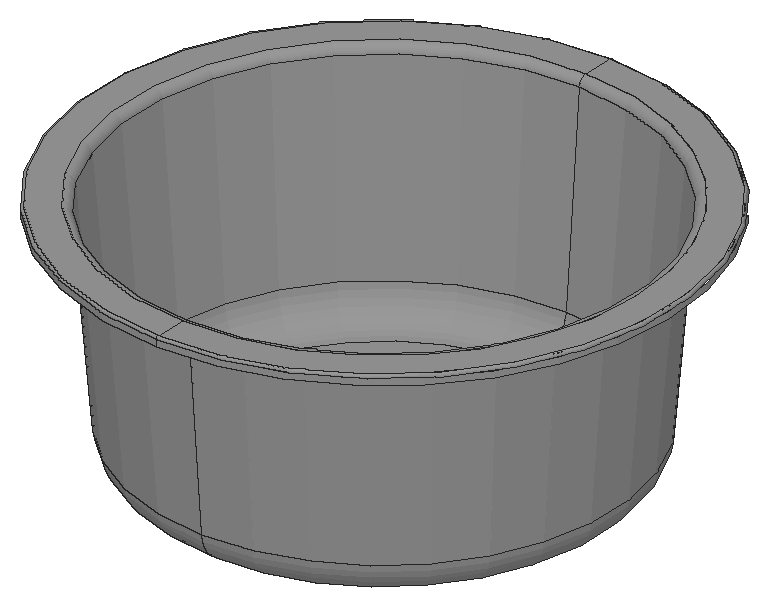
Revit family "REDONDO ERC", category Plumbing Fixtures, host Face, Revit 2017
Family settings
  Host = Face
  Round Connector Dimension = Use Diameter
  Part Type = Normal
  Cut with Voids When Loaded = Yes
  Shared = No
  Room Calculation Point = No
Parameters (values of type "Redondo ERC")
  Waste Connection = yes
  URL = "www.teka.cl"
  Model = "Redondo ERC"
  Manufacturer = "Teka"
  Diametro Interior = 385.000 mm
  Diametro Exterior = 450.000 mm
  Description = "Lavaplatos empotrable para cocina"
  Default Elevation = 1219.200 mm
  Ca_Web del Representante = "www.teka.cl"
  Ca_Web del Fabricante = "www.teka.cl"
  Ca_Usos = "Lavaplatos empotrable para cocina"
  Ca_Teléfono = "99821 1017"
  Ca_Representante = "Teka"
  Ca_Profundidad = 180.000 mm
  Ca_Producto = "Lavaplatos Redondo ERC"
  Ca_País de Fabricación = "España"
  Ca_Material Principal = "Acero Inoxidable AISI-304 (18/10)"
  Ca_Masterformat = "22 41 16"
  Ca_Itemizado CDT = "E 04 05 01"
  Ca_Instalación = "Empotrado"
  Ca_Fabricante = "Teka"
  Ca_Especificaciones Técnicas = "Lavaplatos empotrable de acero TEKA modelo Redondo ERC"
  Ca_Código del Producto = "10108010"
  Ca_Código EAN = "8421152031100"
  Ca_Código Catálogo Arquitectura = "411_TEK_049"
  Ca_Creado por = "Catálogo Arquitectura"
  Ca_Contacto = "Khorzella@teka.cl"
  Ca_Certificaciones = "Norma Europea EN-13310"
  Ca_1_Sello CE = "Producto cumple Norma Europea EN-13310"
  Ca_1_Profundidad Cubeta = "180 mm"
  Ca_1_Material Principal = "Acero Inoxidable AISI-304 (18/10)"
  Ca_1_Instalación = "Empotrado"
  Ca_1_Espesor de acero = "0.8 mm"
  Ca_1_Dimesiones Cubeta = "Φ 385 mm"
  Ca_1_Dimensiones Lavaplatos = "Φ 450 mm"
  Ca_1_Accesorios = "Válvula 3 1/2'' + Rebalse +Sifón"
  Acabado Lavaplato = Teka_Acero Inoxidable
Reference planes
  plane 1 "Centro (Frontal/Posterior)": y = 0
  plane 2: z = 0
  plane 3 "Centro (Izquierda/Derecha)": x = 0
  plane 4: z = -110.388
Forms (mm)
  Extrusion 1, void
    sketch origin (0, 0, 4) x (1, 0, 0) y (0, 1, 0)
      loop
        circle (0, 0) r 225
    from -204 to -4
  Revolve 2, solid, material "Teka_Acero Inoxidable" <- "Acabado Lavaplato"
    sketch origin (-45.445, 97.956, 1163.071) x (-1, 0, 0) y (0, 0, 1)
      loop
        line (-58.922, -1349.013) -> (-72.231, -1349.013)
        arc (-72.231, -1349.013) -> (-72.942, -1348.872) -> (-73.544, -1348.469) r 1.858
        line (-73.544, -1348.469) -> (-74.407, -1347.606)
        arc (-74.407, -1347.606) -> (-75.115, -1346.546) -> (-75.364, -1345.296) r 3.267
        line (-75.364, -1345.296) -> (-75.364, -1341.93)
        arc (-75.364, -1341.93) -> (-75.646, -1341.249) -> (-76.327, -1340.968) r 0.962
        line (-76.327, -1340.968) -> (-84.998, -1340.968)
        arc (-84.998, -1340.968) -> (-85.658, -1341.628) -> (-84.998, -1342.288) r 0.66
        line (-84.998, -1342.288) -> (-77.264, -1342.288)
        arc (-77.264, -1342.288) -> (-76.628, -1342.551) -> (-76.364, -1343.188) r 0.9
        line (-76.364, -1343.188) -> (-76.364, -1346.656)
        arc (-76.364, -1346.656) -> (-76.25, -1347.23) -> (-75.925, -1347.717) r 1.5
        line (-75.925, -1347.717) -> (-74.024, -1349.618)
        arc (-74.024, -1349.618) -> (-73.586, -1349.911) -> (-73.07, -1350.013) r 1.348
        line (-73.07, -1350.013) -> (-60.513, -1350.013)
        arc (-60.513, -1350.013) -> (-59.283, -1350.314) -> (-58.332, -1351.148) r 2.662
        line (-58.332, -1351.148) -> (-56.278, -1354.082) -> (-45.445, -1354.082) -> (-45.445, -1353.082) -> (-53.829, -1353.082)
        arc (-53.829, -1353.082) -> (-55.114, -1352.767) -> (-56.109, -1351.895) r 2.782
        line (-56.109, -1351.895) -> (-57.671, -1349.665)
        arc (-57.671, -1349.665) -> (-58.217, -1349.186) -> (-58.922, -1349.013) r 1.528
      loop
        line (-45.445, -1350.013) -> (-45.445, -1346.996)
        arc (-45.445, -1346.996) -> (-46.451, -1346.612) -> (-47.457, -1346.996) r 1.51
        line (-47.457, -1346.996) -> (-46.657, -1346.996) -> (-46.657, -1350.013) -> (-45.445, -1350.013)
      axis (-45.445, -1354.082) -> (-45.445, -1340.968)
    angle from 0 to 360
  Extrusion 3, void
    sketch origin (2.817, 104.28, 12.167) x (1, 0, 0) y (0, 1, 0)
      loop
        circle (-2.817, -6.324) r 36
    from -250.681 to 60
  Extrusion 4, void
    sketch origin (0, -4.431, 4) x (1, 0, 0) y (0, 1, 0)
      loop
        arc (-0.5, 109.87) -> (0, 109.887) -> (0.5, 109.87) r 7.5
        line (0.5, 109.87) -> (0.5, 128.382)
        arc (0.5, 128.382) -> (0, 128.387) -> (-0.5, 128.382) r 26
        line (-0.5, 128.382) -> (-0.5, 109.87)
      loop
        arc (2.09, 109.59) -> (2.565, 109.434) -> (3.029, 109.248) r 7.5
        line (3.029, 109.248) -> (9.361, 126.643)
        arc (9.361, 126.643) -> (8.893, 126.819) -> (8.421, 126.985) r 26
        line (8.421, 126.985) -> (2.09, 109.59)
      loop
        arc (4.427, 108.441) -> (4.821, 108.132) -> (5.193, 107.798) r 7.5
        line (5.193, 107.798) -> (17.092, 121.979)
        arc (17.092, 121.979) -> (16.712, 122.304) -> (16.326, 122.622) r 26
        line (16.326, 122.622) -> (4.427, 108.441)
      loop
        arc (6.231, 106.561) -> (6.495, 106.137) -> (6.731, 105.695) r 7.5
        line (6.731, 105.695) -> (22.762, 114.951)
        arc (22.762, 114.951) -> (22.517, 115.387) -> (22.262, 115.817) r 26
        line (22.262, 115.817) -> (6.231, 106.561)
      loop
        arc (7.283, 104.179) -> (7.386, 103.689) -> (7.456, 103.194) r 7.5
        line (7.456, 103.194) -> (25.687, 106.408)
        arc (25.687, 106.408) -> (25.605, 106.902) -> (25.513, 107.393) r 26
        line (25.513, 107.393) -> (7.283, 104.179)
      loop
        arc (7.456, 101.58) -> (7.386, 101.084) -> (7.283, 100.595) r 7.5
        line (7.283, 100.595) -> (25.513, 97.38)
        arc (25.513, 97.38) -> (25.605, 97.872) -> (25.687, 98.365) r 26
        line (25.687, 98.365) -> (7.456, 101.58)
      loop
        arc (6.731, 99.078) -> (6.495, 98.637) -> (6.231, 98.212) r 7.5
        line (6.231, 98.212) -> (22.262, 88.956)
        arc (22.262, 88.956) -> (22.517, 89.387) -> (22.762, 89.822) r 26
        line (22.762, 89.822) -> (6.731, 99.078)
      loop
        arc (5.193, 96.976) -> (4.821, 96.641) -> (4.427, 96.333) r 7.5
        line (4.427, 96.333) -> (16.326, 82.152)
        arc (16.326, 82.152) -> (16.712, 82.47) -> (17.092, 82.795) r 26
        line (17.092, 82.795) -> (5.193, 96.976)
      loop
        arc (3.029, 95.526) -> (2.565, 95.339) -> (2.09, 95.184) r 7.5
        line (2.09, 95.184) -> (8.421, 77.788)
        arc (8.421, 77.788) -> (8.893, 77.955) -> (9.361, 78.13) r 26
        line (9.361, 78.13) -> (3.029, 95.526)
      loop
        arc (0.5, 94.903) -> (0, 94.887) -> (-0.5, 94.903) r 7.5
        line (-0.5, 94.903) -> (-0.5, 76.391)
        arc (-0.5, 76.391) -> (0, 76.387) -> (0.5, 76.391) r 26
        line (0.5, 76.391) -> (0.5, 94.903)
      loop
        line (-2.09, 109.59) -> (-8.421, 126.985)
        arc (-8.421, 126.985) -> (-8.893, 126.819) -> (-9.361, 126.643) r 26
        line (-9.361, 126.643) -> (-3.029, 109.248)
        arc (-3.029, 109.248) -> (-2.565, 109.434) -> (-2.09, 109.59) r 7.5
      loop
        line (-4.427, 108.441) -> (-16.326, 122.622)
        arc (-16.326, 122.622) -> (-16.712, 122.304) -> (-17.092, 121.979) r 26
        line (-17.092, 121.979) -> (-5.193, 107.798)
        arc (-5.193, 107.798) -> (-4.821, 108.132) -> (-4.427, 108.441) r 7.5
      loop
        line (-6.231, 106.561) -> (-22.262, 115.817)
        arc (-22.262, 115.817) -> (-22.517, 115.387) -> (-22.762, 114.951) r 26
        line (-22.762, 114.951) -> (-6.731, 105.695)
        arc (-6.731, 105.695) -> (-6.495, 106.137) -> (-6.231, 106.561) r 7.5
      loop
        line (-7.283, 104.179) -> (-25.513, 107.393)
        arc (-25.513, 107.393) -> (-25.605, 106.902) -> (-25.687, 106.408) r 26
        line (-25.687, 106.408) -> (-7.456, 103.194)
        arc (-7.456, 103.194) -> (-7.386, 103.689) -> (-7.283, 104.179) r 7.5
      loop
        line (-7.456, 101.58) -> (-25.687, 98.365)
        arc (-25.687, 98.365) -> (-25.605, 97.872) -> (-25.513, 97.38) r 26
        line (-25.513, 97.38) -> (-7.283, 100.595)
        arc (-7.283, 100.595) -> (-7.386, 101.084) -> (-7.456, 101.58) r 7.5
      loop
        line (-6.731, 99.078) -> (-22.762, 89.822)
        arc (-22.762, 89.822) -> (-22.517, 89.387) -> (-22.262, 88.956) r 26
        line (-22.262, 88.956) -> (-6.231, 98.212)
        arc (-6.231, 98.212) -> (-6.495, 98.637) -> (-6.731, 99.078) r 7.5
      loop
        line (-5.193, 96.976) -> (-17.092, 82.795)
        arc (-17.092, 82.795) -> (-16.712, 82.47) -> (-16.326, 82.152) r 26
        line (-16.326, 82.152) -> (-4.427, 96.333)
        arc (-4.427, 96.333) -> (-4.821, 96.641) -> (-5.193, 96.976) r 7.5
      loop
        line (-3.029, 95.526) -> (-9.361, 78.13)
        arc (-9.361, 78.13) -> (-8.893, 77.955) -> (-8.421, 77.788) r 26
        line (-8.421, 77.788) -> (-2.09, 95.184)
        arc (-2.09, 95.184) -> (-2.565, 95.339) -> (-3.029, 95.526) r 7.5
    from -197.446 to -179
  Revolve 5, solid, material "Teka_Acero Inoxidable" <- "Acabado Lavaplato"
    sketch origin (0, 0, 0) x (0, 1, 0) y (0, 0, 1)
      loop
        line (-225, 0) -> (-193.3, 0) -> (-179.948, -152.615)
        arc (-179.948, -152.615) -> (-170.33, -172.118) -> (-150.062, -180) r 30
        line (-150.062, -180) -> (0, -180) -> (0, -179.2) -> (-150.062, -179.2)
        arc (-150.062, -179.2) -> (-169.789, -171.528) -> (-179.151, -152.545) r 29.2
        line (-179.151, -152.545) -> (-192.55, 0.61)
        arc (-192.55, 0.61) -> (-194.795, 5.161) -> (-199.524, 7) r 7
        line (-199.524, 7) -> (-223, 7)
        arc (-223, 7) -> (-224.414, 6.414) -> (-225, 5) r 2
        line (-225, 5) -> (-225, 0)
      axis (0, 7) -> (0, -180)
    angle from 0 to 360
Cuts and joins
  Extrusion 3 cuts Revolve 5
  Extrusion 4 cuts Revolve 2
Dimensions and locks
  aligned and locked: plane 2 to host face
Connectors
  piping at (0, 103.362, -191.011), diameter 40
    settings: on cut or joined group of Revolve 2, Extrusion 4, index 1, connector inside diameter 609.6 mm, connector length 0.000 mm, flow factor 0, pipe flow 0.0 L/s, pressure drop 0.0 Pa, fitting loss kfactor 0, connector angle 0.00°, fixture units 0, engagement length 0.000 mm, angle of deflection 0.00°, flow configuration 0, flow direction 2, fitting loss method 0, system type 16, joint type 0, gender type 0, connector reference index -1, connector utility 0, adjustable connector no, is connector primary yes, connector description ""
